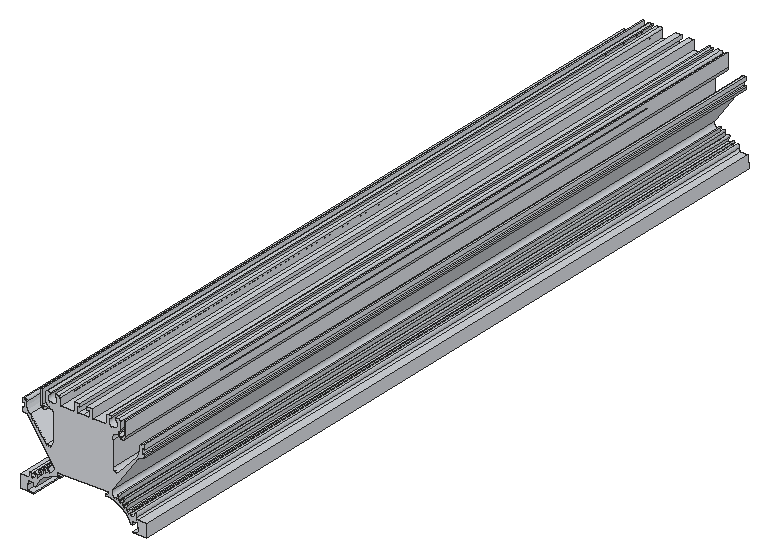
Revit family "L-industry-street 24-48", category Обобщенные модели, Revit 2017
Family settings
  Может служить основой для арматурных стержней = Нет
  Размер круглого соединителя = Использовать диаметр
  Тип детали = Нормальный
  На основе рабочей плоскости = Нет
  Всегда вертикально = Да
  При загрузке вырезать с полостями = Нет
  Общий = Нет
  Точка расчета площади = Нет
Reference planes
  plane 1 "По центру (Вперед/Назад)": y = 0
  plane 2: z = 0
  plane 3 "По центру (Влево/Вправо)": x = 0
Forms (mm)
  Extrusion 1, solid
    sketch origin (0, 0, 0) x (1, 0, 0) y (0, 0, 1)
      loop
        line (-0.248, 57.2) -> (-4.148, 57.2) -> (-4.148, 61.197) -> (-2.684, 61.197) -> (-2.684, 63.197) -> (-6.184, 63.197) -> (-6.184, 57.2) -> (-15.584, 57.2) -> (-15.584, 61.904)
        arc (-15.584, 61.904) -> (-15.963, 62.818) -> (-16.876, 63.197) r 1.292
        line (-16.876, 63.197) -> (-18.831, 63.197) -> (-18.831, 61.995)
        arc (-18.831, 61.995) -> (-20.555, 56.895) -> (-21.884, 62.111) r 2.807
        line (-21.884, 62.111) -> (-21.884, 63.197) -> (-23.768, 63.197)
        arc (-23.768, 63.197) -> (-24.699, 62.811) -> (-25.084, 61.88) r 1.316
        line (-25.084, 61.88) -> (-25.084, 57.2)
        arc (-25.084, 57.2) -> (-24.796, 56.264) -> (-24.031, 55.653) r 1.662
        arc (-24.031, 55.653) -> (-23.639, 55.207) -> (-23.774, 54.629) r 0.649
        line (-23.774, 54.629) -> (-25.084, 53.319)
        arc (-25.084, 53.319) -> (-26.644, 53.036) -> (-27.458, 54.397) r 1.392
        line (-27.458, 54.397) -> (-27.458, 63.197) -> (-28.458, 63.197) -> (-28.458, 54.426)
        arc (-28.458, 54.426) -> (-27.041, 52.117) -> (-24.377, 52.612) r 2.392
        line (-24.377, 52.612) -> (-23.067, 53.922)
        arc (-23.067, 53.922) -> (-20.533, 52.561) -> (-20.248, 49.7) r 3.06
        line (-20.248, 49.7) -> (-20.248, 33.4)
        arc (-20.248, 33.4) -> (-21.885, 31.054) -> (-24.652, 31.78) r 2.5
        line (-24.652, 31.78) -> (-36.151, 45.298)
        arc (-36.151, 45.298) -> (-37.555, 48.53) -> (-37.989, 52.026) r 12.359
        arc (-37.989, 52.026) -> (-38.427, 53.128) -> (-39.52, 53.586) r 1.531
        line (-39.52, 53.586) -> (-40.789, 53.586) -> (-40.789, 51.086) -> (-39.556, 51.086) -> (-39.556, 48.04) -> (-40.789, 48.04) -> (-40.789, 46.612)
        arc (-40.789, 46.612) -> (-40.489, 45.887) -> (-39.764, 45.586) r 1.025
        line (-39.764, 45.586) -> (-38.789, 45.586)
        arc (-38.789, 45.586) -> (-37.839, 45.146) -> (-37.097, 44.406) r 3
        line (-37.097, 44.406) -> (-20.09, 20.118)
        arc (-20.09, 20.118) -> (-19.832, 17.074) -> (-22.348, 15.343) r 3.04
        line (-22.348, 15.343) -> (-23.166, 17.602)
        arc (-23.166, 17.602) -> (-23.763, 17.884) -> (-24.048, 17.289) r 0.468
        line (-24.048, 17.289) -> (-23.419, 14.764)
        arc (-23.419, 14.764) -> (-24.273, 14.345) -> (-25.107, 13.886) r 20
        line (-25.107, 13.886) -> (-26.018, 16.304)
        arc (-26.018, 16.304) -> (-26.594, 16.561) -> (-26.845, 15.982) r 0.443
        line (-26.845, 15.982) -> (-26.338, 13.108)
        arc (-26.338, 13.108) -> (-27.122, 12.544) -> (-27.877, 11.942) r 20
        line (-27.877, 11.942) -> (-28.706, 14.286)
        arc (-28.706, 14.286) -> (-29.358, 14.585) -> (-29.638, 13.925) r 0.5
        line (-29.638, 13.925) -> (-28.912, 11.014)
        arc (-28.912, 11.014) -> (-29.784, 10.122) -> (-30.599, 9.176) r 20
        arc (-30.599, 9.176) -> (-31.023, 11.23) -> (-32.789, 12.361) r 2.7
        line (-32.789, 12.361) -> (-32.993, 11.178)
        arc (-32.993, 11.178) -> (-32.681, 8.311) -> (-34.463, 10.579) r 1.5
        line (-34.463, 10.579) -> (-35.318, 11.433)
        arc (-35.318, 11.433) -> (-35.905, 10.177) -> (-35.792, 8.796) r 2.7
        arc (-35.792, 8.796) -> (-35.913, 7.908) -> (-36.709, 7.496) r 0.973
        line (-36.709, 7.496) -> (-42.232, 7.496) -> (-42.232, -1.004) -> (-37.332, -1.004) -> (-33.434, -1.345) -> (-33.347, -0.349) -> (-37.332, 0) -> (-37.332, 3.5) -> (-36.332, 3.5) -> (-36.332, 5.5) -> (-33.332, 5.5) -> (-33.332, 3.5) -> (-31.727, 3.5)
        arc (-31.727, 3.5) -> (-25.894, 11.027) -> (-17.043, 14.539) r 18.05
        line (-17.043, 14.539) -> (-15.048, 14.539) -> (-15.048, 15.5) -> (-17.048, 15.5) -> (-17.048, 17.2) -> (16.552, 17.2) -> (16.552, 15.5) -> (14.552, 15.5) -> (14.552, 14.539) -> (16.548, 14.539)
        arc (16.548, 14.539) -> (25.399, 11.027) -> (31.232, 3.5) r 18.05
        line (31.232, 3.5) -> (32.837, 3.5) -> (32.837, 5.5) -> (35.837, 5.5) -> (35.837, 3.5) -> (36.837, 3.5) -> (36.837, 0) -> (32.852, -0.349) -> (32.939, -1.345) -> (36.837, -1.004) -> (41.737, -1.004) -> (41.737, 7.496) -> (36.214, 7.496)
        arc (36.214, 7.496) -> (35.418, 7.908) -> (35.297, 8.796) r 0.973
        arc (35.297, 8.796) -> (35.41, 10.177) -> (34.823, 11.433) r 2.7
        line (34.823, 11.433) -> (33.968, 10.579)
        arc (33.968, 10.579) -> (32.186, 8.311) -> (32.498, 11.178) r 1.5
        line (32.498, 11.178) -> (32.294, 12.361)
        arc (32.294, 12.361) -> (30.528, 11.23) -> (30.104, 9.176) r 2.7
        arc (30.104, 9.176) -> (29.289, 10.122) -> (28.417, 11.014) r 20
        line (28.417, 11.014) -> (29.143, 13.925)
        arc (29.143, 13.925) -> (28.863, 14.585) -> (28.211, 14.286) r 0.5
        line (28.211, 14.286) -> (27.382, 11.942)
        arc (27.382, 11.942) -> (26.627, 12.544) -> (25.843, 13.108) r 20
        line (25.843, 13.108) -> (26.35, 15.982)
        arc (26.35, 15.982) -> (26.099, 16.561) -> (25.523, 16.304) r 0.443
        line (25.523, 16.304) -> (24.612, 13.886)
        arc (24.612, 13.886) -> (23.778, 14.345) -> (22.924, 14.764) r 20
        line (22.924, 14.764) -> (23.553, 17.289)
        arc (23.553, 17.289) -> (23.268, 17.884) -> (22.671, 17.602) r 0.468
        line (22.671, 17.602) -> (21.853, 15.343)
        arc (21.853, 15.343) -> (19.337, 17.074) -> (19.595, 20.118) r 3.04
        line (19.595, 20.118) -> (36.602, 44.406)
        arc (36.602, 44.406) -> (37.344, 45.146) -> (38.294, 45.586) r 3
        line (38.294, 45.586) -> (39.269, 45.586)
        arc (39.269, 45.586) -> (39.994, 45.887) -> (40.294, 46.612) r 1.025
        line (40.294, 46.612) -> (40.294, 48.04) -> (39.061, 48.04) -> (39.061, 51.086) -> (40.294, 51.086) -> (40.294, 53.586) -> (39.025, 53.586)
        arc (39.025, 53.586) -> (37.932, 53.128) -> (37.494, 52.026) r 1.531
        arc (37.494, 52.026) -> (37.06, 48.53) -> (35.656, 45.298) r 12.359
        line (35.656, 45.298) -> (24.157, 31.78)
        arc (24.157, 31.78) -> (21.39, 31.054) -> (19.752, 33.4) r 2.5
        line (19.752, 33.4) -> (19.752, 49.7)
        arc (19.752, 49.7) -> (20.038, 52.561) -> (22.572, 53.922) r 3.06
        line (22.572, 53.922) -> (23.882, 52.612)
        arc (23.882, 52.612) -> (26.546, 52.117) -> (27.963, 54.426) r 2.392
        line (27.963, 54.426) -> (27.963, 63.197) -> (26.963, 63.197) -> (26.963, 54.397)
        arc (26.963, 54.397) -> (26.149, 53.036) -> (24.589, 53.319) r 1.392
        line (24.589, 53.319) -> (23.279, 54.629)
        arc (23.279, 54.629) -> (23.144, 55.207) -> (23.536, 55.653) r 0.649
        arc (23.536, 55.653) -> (24.301, 56.264) -> (24.589, 57.2) r 1.662
        line (24.589, 57.2) -> (24.589, 61.88)
        arc (24.589, 61.88) -> (24.203, 62.811) -> (23.273, 63.197) r 1.316
        line (23.273, 63.197) -> (21.389, 63.197) -> (21.389, 62.111)
        arc (21.389, 62.111) -> (20.059, 56.895) -> (18.336, 61.995) r 2.807
        line (18.336, 61.995) -> (18.336, 63.197) -> (16.381, 63.197)
        arc (16.381, 63.197) -> (15.468, 62.818) -> (15.089, 61.904) r 1.292
        line (15.089, 61.904) -> (15.089, 57.2) -> (5.689, 57.2) -> (5.689, 63.197) -> (2.189, 63.197) -> (2.189, 61.197) -> (3.652, 61.197) -> (3.652, 57.2) -> (-0.248, 57.2)
    from -250 to 250
Dimensions and locks
  aligned and locked: level to plane 2
